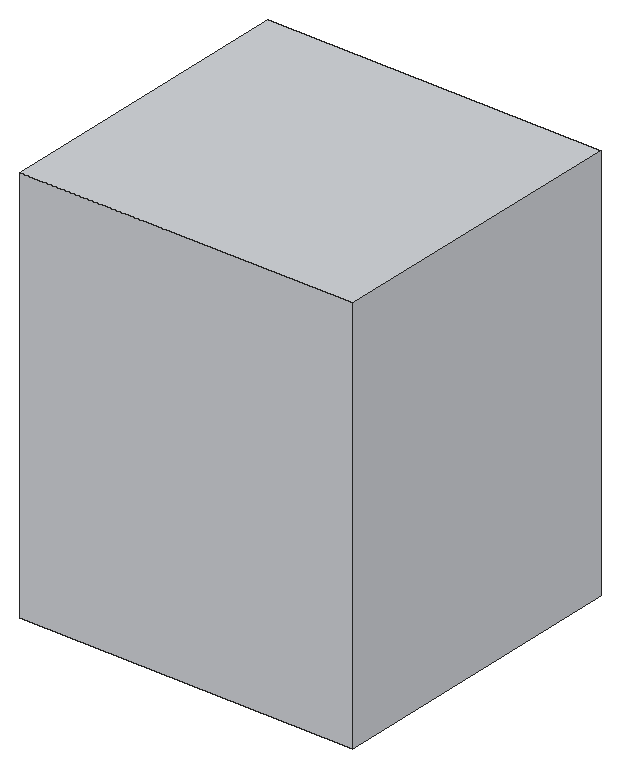
Revit family "0765eb5607af47b492cb3e88d7de6e77", category Site, Revit 2021
Family settings
  Round Connector Dimension = Use Radius
  Part Type = Normal
  Seek Item ID = Steam Connection-0000-USA-ENU
  Work Plane-Based = No
  Always vertical = Yes
  Cut with Voids When Loaded = No
  Shared = No
Parameters (values of type "60"x56"")
  Width = 4' - 8"
  Outlet Radius [instance] = 0' - 1"
  Outlet Diameter [instance] = 2 * Outlet Radius  # 0' - 2"
  Length = 5' - 0"
  Inlet Radius [instance] = 0' - 1"
  Inlet Offset from Outlet [instance] = 0' - 0"
  Well Top Offset from Level [instance] = 0' - 8"
  Inlet Center Offset from Level [instance] = 3' - 3"
  Inlet Diameter [instance] = 2 * Inlet Radius  # 0' - 2"
  Height = 6' - 0"
  Connector Offset [instance] = 0' - 8"
Types (3): name | Width | Outlet Radius | Outlet Diameter | Length | Inlet Radius | Inlet Diameter
  (no name) | 4' - 8" | 0' - 1" | 0' - 2" | 5' - 0" | 0' - 1" | 0' - 2"
  60"x56" | 4' - 8" | 0' - 1" | 0' - 2" | 5' - 0" | 0' - 1" | 0' - 2"
  84"x80" | 6' - 8" | 0' - 4" | 0' - 8" | 7' - 0" | 0' - 4" | 0' - 8"
Reference planes (in)
  plane 1 "Center (Front/Back)": y = 0
  plane 2: z = 0
  plane 3 "Center (Left/Right)": x = 0
  plane 4: z = -39
  plane 5: x = 60
  plane 6: z = -8
  plane 7: z = -80
  plane 8: y = 28
  plane 9: y = -28
  plane 10: z = -39
  plane 11: x = 30
  plane 12: y = 8
Forms (in)
  Extrusion 1, solid
    sketch origin (0, 0, 0) x (1, 0, 0) y (0, 0, 1)
      loop
        line (0, -8) -> (0, -80) -> (60, -80) -> (60, -8) -> (0, -8)
    from -28 to 28
  Extrusion 2, solid
    sketch origin (0, 0, 0) x (0, 1, 0) y (0, 0, 1)
      loop
        circle (8, -39) r 1
    from 0 to 12
  Extrusion 3, solid
    sketch origin (0, 0, 0) x (0, 1, 0) y (0, 0, 1)
      loop
        circle (8, -39) r 1
    from 31.96151 to 60
Cuts and joins
  joined: Extrusion 1, Extrusion 2, Extrusion 3
Lines and regions (in)
  symbolic lines
    curve 1: line (0, 28, 0) -> (60, 28, 0)
    curve 2: line (0, -28, 0) -> (0, 28, 0)
    curve 3: line (60, -28, 0) -> (0, -28, 0)
    curve 4: line (60, 28, 0) -> (60, -28, 0)
Dimensions and locks (in)
  "Length": plane 5 to plane 3 "Center (Left/Right)"
  "Height": plane 6 to plane 7
  equal spacing: plane 9, plane 1 "Center (Front/Back)", plane 8
  "Width": plane 8 to plane 9
  "Inlet Offset from Outlet": plane 10 to plane 4
  "Well Top Offset from Level": plane 2 to plane 6
  "Inlet Center Offset from Level": plane 2 to plane 10
  equal spacing: plane 3 "Center (Left/Right)", plane 11, plane 5
  "Connector Offset": plane 12 to plane 1 "Center (Front/Back)"
  "Inlet Radius": radius of Extrusion 2 sketch curve
  "Outlet Radius": radius of Extrusion 3 sketch curve
  aligned and locked: level to plane 2
  aligned and locked: plane 3 "Center (Left/Right)" to Extrusion 1 sketch curve
  aligned and locked: Extrusion 1 sketch curve to plane 6
  aligned and locked: plane 7 to Extrusion 1 sketch curve
  aligned and locked: Extrusion 1 sketch curve to plane 5
  aligned and locked: plane 8 to Extrusion 1
  aligned and locked: Extrusion 1 to plane 9
  aligned and locked: plane 10 to Extrusion 2 sketch curve
  aligned and locked: plane 4 to Extrusion 3 sketch curve
  aligned and locked: Extrusion 2 to plane 3 "Center (Left/Right)"
  aligned and locked: plane 5 to Extrusion 3
  aligned and locked: plane 1 "Center (Front/Back)" to nested 1
  aligned and locked: plane 11 to nested 1
  aligned and locked: plane 12 to Extrusion 2 sketch curve
  aligned and locked: plane 12 to Extrusion 3 sketch curve
  aligned and locked: plane 9 to curve 3
  aligned and locked: curve 4 to plane 5
  aligned and locked: curve 1 to plane 8
Automatic sketch dimensions
  curve 3 to plane 3 "Center (Left/Right)" = 0' - 0"
Nested families (in)
  nested 1: "Symbol" at (30, 0, 0), type "Symbol"
Connectors (in)
  piping at (0, 8, -39), diameter 2, driven by "Inlet Radius"
    settings: on Extrusion 2, index 1, connector inside diameter 2", connector length 0' - 0", flow factor 0, pipe flow 0 GPM, pressure drop 0.00 psi, fitting loss kfactor 0, connector angle 0.00°, fixture units 0, engagement length 0' - 0", angle of deflection 0.00°, flow configuration 0, flow direction 1, fitting loss method 0, system type 29, joint type 0, gender type 0, connector reference index 2, connector utility 1, adjustable connector no, is connector primary yes, connector description "Steam In"
  piping at (60, 8, -39), diameter 2, driven by "Outlet Radius"
    settings: on Extrusion 3, index 2, connector inside diameter 2", connector length 0' - 0", flow factor 0, pipe flow 0 GPM, pressure drop 0.00 psi, fitting loss kfactor 0, connector angle 0.00°, fixture units 0, engagement length 0' - 0", angle of deflection 0.00°, flow configuration 0, flow direction 2, fitting loss method 0, system type 29, joint type 0, gender type 0, connector reference index 1, connector utility 0, adjustable connector no, is connector primary no, connector description "Steam Out"
Definition of nested family "Symbol"
  Reference planes (in)
    plane 1: y = 0
    plane 2: x = 0
  Text (in)
    text "Steam" at (-0.02306, 0.07572, 0)
